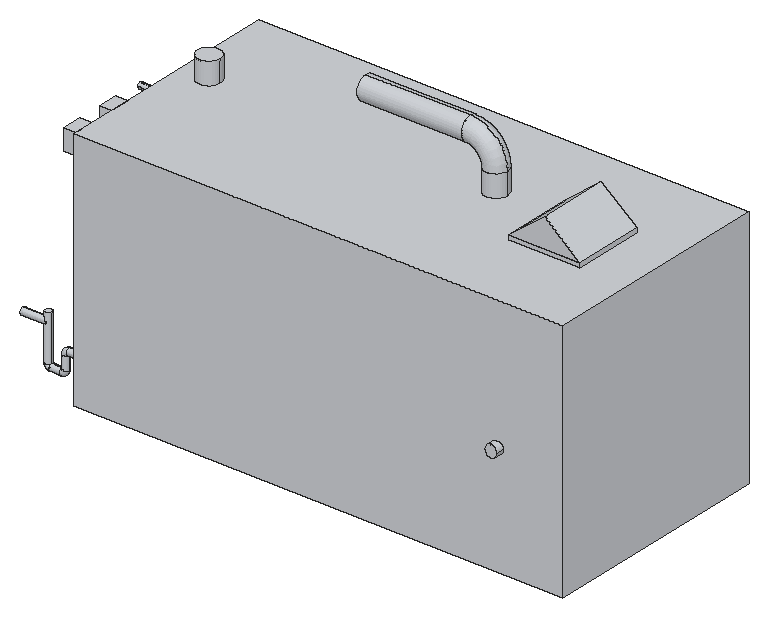
Revit family "AMP_BFIT 3500-4000", category Mechanical Equipment, Revit 2019
Family settings
  Round Connector Dimension = Use Radius
  Part Type = Normal
  OmniClass Number = 23.75.00.00
  OmniClass Title = Climate Control (HVAC)
  Work Plane-Based = No
  Always vertical = Yes
  Cut with Voids When Loaded = No
  Shared = No
  Room Calculation Point = No
Parameters (values of type "AMP/BFIT 3500-4000")
  Width = 46"
  Length = 97 1/8"
  Height = 48 3/8"
  Voltage = ""
  Vent = "12\" EZ Vent"
  Manufacturer = "Bryan Steam"  # constant formula
  Hydronic Supply = "4\" Victaulic"
  Hydronic Return = "4\" Victaulic"
  Gas Train = "2\" NPT"
  Condensate Trap = "1\" Pipe"
  Boiler Drain = "3/4\" NPT"
  Air Supply = "12\""
Reference planes
  plane 1 "Center (Front/Back)": y = 0
  plane 2: z = 0
  plane 3 "Center (Left/Right)": x = 0
  plane 4 "Vent": y = 96.749
  plane 5 "Condensate Trap": y = -457.2
  plane 6 "Supply 4" Victualic Elbow Style 10": x = 353.06
  plane 7 "3" Supply Manifold": z = 1466.85
  plane 8 "3" Supply Elbow Victaulic Style 10": y = 96.749
Forms (mm)
  Extrusion 1, solid
    sketch origin (0, 0, 0) x (1, 0, 0) y (0, 1, 0)
      loop
        line (-1233.487, 584.2) -> (-1233.487, -584.2) -> (1233.488, -584.2) -> (1233.488, 584.2) -> (-1233.487, 584.2)
    from 0 to 1228.725
  Extrusion 2, solid
    sketch origin (1233.488, -584.2, 0) x (-1, 0, 0) y (0, 0, -1)
      loop
        circle (330.2, -561.975) r 30.163
    from 0 to 38.1
  Extrusion 3, solid
    sketch origin (0, 0, 1228.725) x (1, 0, 0) y (0, 1, 0)
      loop
        line (636.435, 177.8) -> (636.435, -177.8) -> (994.474, -177.8) -> (994.474, 177.8) -> (636.435, 177.8)
    from 0 to 21.63
  Extrusion 4, solid
    sketch origin (994.474, -177.8, 1228.725) x (-1, 0, 0) y (0, 0, -1)
      loop
        line (358.038, -21.63) -> (0, -21.63) -> (179.019, -167.063) -> (358.038, -21.63)
    from 0 to -355.6
  Extrusion 5, solid
    sketch origin (0, 0, 1228.725) x (1, 0, 0) y (0, 1, 0)
      loop
        circle (-1093.787, 95.25) r 57.15
      loop
        circle (353.073, 95.25) r 57.15
    from 0 to 107.95
  Extrusion 6, solid
    sketch origin (-1233.487, -584.2, 0) x (0, 1, 0) y (0, 0, -1)
      loop
        circle (936.625, -333.375) r 158.75
      loop
        circle (936.625, -333.375) r 153.162
    from 0 to 34.925
  Sweep 7, solid
    path origin (0, -457.2, 0) x (-1, 0, 0) y (0, 0, 1)
      loop
        line (1233.487, 146.406) -> (1354.493, 146.406)
        arc (1354.493, 146.406) -> (1366.85, 141.287) -> (1371.968, 128.93) r 17.475
        line (1371.968, 128.93) -> (1371.968, 62.281)
        arc (1371.968, 62.281) -> (1377.087, 49.924) -> (1389.443, 44.806) r 17.475
        line (1389.443, 44.806) -> (1443.406, 44.806)
        arc (1443.406, 44.806) -> (1455.754, 49.92) -> (1460.868, 62.268) r 17.463
        line (1460.868, 62.268) -> (1460.868, 292.456)
    profile origin (-1293.99, -457.2, 146.406) x (0, 0, 1) y (0, 1, 0)
      loop
        circle (0, 0) r 16.701
  Revolve 8, solid
    sketch origin (0, -457.2, 0) x (-1, 0, 0) y (0, 0, 1)
      loop
        line (1589.087, 247.65) -> (1589.087, 264.351) -> (1460.5, 264.351) -> (1460.5, 247.65) -> (1589.087, 247.65)
      axis (1460.5, 247.65) -> (1589.087, 247.65)
    angle from 0 to 360
  Extrusion 9, solid
    sketch origin (-1233.487, -584.2, 0) x (0, 1, 0) y (0, 0, -1)
      loop
        line (345.313, -1223.963) -> (345.313, -1122.363) -> (243.713, -1122.363) -> (243.713, -1223.963) -> (345.313, -1223.963)
      loop
        line (119.888, -1223.95) -> (119.888, -1122.35) -> (18.288, -1122.35) -> (18.288, -1223.95) -> (119.888, -1223.95)
    from 0 to 63.004
  Revolve 10, solid
    sketch origin (0, 95.25, 0) x (-1, 0, 0) y (0, 0, 1)
      loop
        line (1439.862, 766.775) -> (1431.845, 919.759) -> (1178.193, 906.466) -> (1186.211, 753.482) -> (1439.862, 766.775)
      axis (1186.211, 753.482) -> (1439.862, 766.775)
    angle from 0 to 360
  Extrusion 11, solid
    sketch origin (-1233.487, -584.2, 0) x (0, 1, 0) y (0, 0, -1)
      loop
        circle (679.45, -1076.325) r 13.335
      loop
        circle (679.45, -1076.325) r 10.465
    from 0 to 206.375
  Sweep 12, solid
    path origin (0, 96.749, 0) x (-1, 0, 0) y (0, 0, 1)
      loop
        arc (-353.073, 1336.675) -> (-314.945, 1428.723) -> (-222.898, 1466.85) r 130.175
        line (-222.898, 1466.85) -> (303.212, 1466.85)
    profile origin (314.945, 96.749, 1428.723) x (0.707107, 0, 0.707107) y (0, 1, 0)
      loop
        circle (0, 0) r 57.15
Dimensions and locks
  "Height": Extrusion 1 to level
  equal spacing: Extrusion 1 sketch curve, plane 3 "Center (Left/Right)", Extrusion 1 sketch curve
  "Length": Extrusion 1 sketch curve to Extrusion 1 sketch curve
  equal spacing: Extrusion 1 sketch curve, plane 1 "Center (Front/Back)", Extrusion 1 sketch curve
  "Width": Extrusion 1 sketch curve to Extrusion 1 sketch curve
  locked: Extrusion 2 sketch curve to Extrusion 1 at 561.975
  locked: Extrusion 1 to Extrusion 2 sketch curve at 330.2
  locked: Extrusion 3 sketch curve to Extrusion 1 at 239.014
  locked: Extrusion 3 sketch curve to Extrusion 3 sketch curve at 358.038
  locked: Extrusion 3 sketch curve to Extrusion 3 sketch curve at 355.6
  locked: Extrusion 3 sketch curve to Extrusion 1 at 406.4
  locked: Extrusion 1 to Extrusion 5 sketch curve at 488.95  (x2)
  locked: Extrusion 1 to Extrusion 6 sketch curve at 333.375
  locked: Extrusion 1 to Extrusion 6 sketch curve at 231.775
  level to plane 7 "3" Supply Manifold" = 57 3/4"
  plane 3 "Center (Left/Right)" to plane 6 "Supply 4" Victualic Elbow Style 10" = 13.9"
  locked: plane 8 "3" Supply Elbow Victaulic Style 10" to plane 1 "Center (Front/Back)" at 96.749
  locked: plane 4 "Vent" to plane 1 "Center (Front/Back)" at 96.749
  locked: plane 5 "Condensate Trap" to plane 1 "Center (Front/Back)" at 457.2
  locked: Sweep 7 sketch curve to Sweep 7 sketch curve at 88.9
  locked: Sweep 7 sketch curve to Sweep 7 sketch curve at 247.65
  locked: Revolve 8 sketch curve to Revolve 8 sketch curve at 128.588
  locked: Extrusion 9 sketch curve to Extrusion 9 sketch curve at 101.6  (x4)
  Revolve 10 sketch curve to Revolve 10 sketch curve = 6 1/32"
  Extrusion 1 to Extrusion 11 sketch curve = 42 3/8"
  equal spacing: Extrusion 1, Extrusion 11 sketch curve, Extrusion 11 sketch curve  (x2)
  locked: Extrusion 1 to Extrusion 11 sketch curve at 488.95
  locked: Extrusion 1 to Extrusion 5 sketch curve at 139.7
  locked: Extrusion 5 sketch curve to Extrusion 1 at 880.415
  Extrusion 1 to Sweep 12 sketch curve = 36 5/8"
  Extrusion 1 to Sweep 12 sketch curve = 9 3/8"
  Extrusion 1 to Extrusion 6 sketch curve = 13 1/8"
  Extrusion 1 to Extrusion 6 sketch curve = 9 1/8"
  locked: Extrusion 1 to Sweep 7 sketch curve at 138.481
  locked: Extrusion 1 to Sweep 7 sketch curve at 146.406
  locked: Revolve 10 sketch curve to Extrusion 1 at 206.375
  Extrusion 1 to Revolve 10 sketch curve = 30.188"
  locked: Extrusion 1 to Revolve 8 sketch curve at 227.013
  Extrusion 1 to Revolve 8 sketch curve = 9 3/4"  (x2)
  locked: Revolve 8 sketch curve to Revolve 8 sketch curve at 16.701
  Revolve 8 sketch curve to Revolve 8 sketch curve = 0"
  radius of Sweep 12 sketch curve = 5 1/8"
  aligned and locked: level to plane 2
Automatic sketch dimensions
  Extrusion 4 sketch curve to Extrusion 3 = 0"  (x3)
  Extrusion 4 sketch curve to Extrusion 3 = 7.048"
  Extrusion 4 sketch curve to Extrusion 3 = 5.72571"
  Sweep 7 sketch curve to plane 5 "Condensate Trap" = 0"
  profile plane to Sweep 7 sketch curve = 0"
  Sweep 7 sketch curve to Sweep 7 sketch curve = 0.688"  (x2)
  Sweep 7 sketch curve to Sweep 7 sketch curve = 11/16"
  Sweep 7 sketch curve to Sweep 7 sketch curve = 2.624"
  Sweep 7 sketch curve to Sweep 7 sketch curve = 4.764"
  Revolve 8 sketch curve to Revolve 8 sketch curve = 0.2025"
  Revolve 8 sketch curve to Revolve 8 sketch curve = 0.828"
  Revolve 10 sketch curve to Revolve 10 sketch curve = 6.32392"
  Revolve 10 sketch curve to Revolve 10 sketch curve = 0"  (x2)
  Extrusion 1 to Extrusion 9 sketch curve = 0.188"
  Extrusion 9 sketch curve to Extrusion 1 = 0.72"
  Extrusion 1 to Extrusion 9 sketch curve = 3/16"
  Extrusion 9 sketch curve to Extrusion 9 sketch curve = 4 7/8"
  Revolve 10 sketch curve to plane 7 "3" Supply Manifold" = 28.08536"
  Revolve 10 sketch curve to Revolve 10 sketch curve = 0.31565"
  Extrusion 11 sketch curve to Extrusion 11 sketch curve = 0"  (x2)
  Sweep 12 sketch curve to plane 8 "3" Supply Elbow Victaulic Style 10" = 0"
  Sweep 12 sketch curve to profile plane = 0"
  Sweep 12 sketch curve to plane 6 "Supply 4" Victualic Elbow Style 10" = 5.1245"
  radius of Sweep 7 sketch curve = 0.6575"
  radius of Extrusion 6 sketch curve = 6 1/4"
  radius of Extrusion 6 sketch curve = 6.03"
  radius of Extrusion 11 sketch curve = 0.412"
  radius of Extrusion 11 sketch curve = 0.525"
  radius of Extrusion 5 sketch curve = 2 1/4"  (x2)
  radius of Sweep 12 sketch curve = 2 1/4"
  radius of Extrusion 2 sketch curve = 1 3/16"
Connectors
  piping at (-1093.787, 95.25, 1336.675), diameter 101.6
    settings: on Extrusion 5, index 2, connector inside diameter 24", connector length 0", flow factor 0, pipe flow 0 GPM, pressure drop 0.00 psi, fitting loss kfactor 0, connector angle 0.00°, fixture units 0, engagement length 0", angle of deflection 0.00°, flow configuration 0, flow direction 1, fitting loss method 0, system type 8, joint type 0, gender type 0, connector reference index -1, connector utility 0, adjustable connector no, is connector primary yes, connector description ""
  piping at (903.288, -622.3, 561.975), diameter 50.8
    settings: on Extrusion 2, index 3, connector inside diameter 24", connector length 0", flow factor 0, pipe flow 0 GPM, pressure drop 0.00 psi, fitting loss kfactor 0, connector angle 0.00°, fixture units 0, engagement length 0", angle of deflection 0.00°, flow configuration 0, flow direction 1, fitting loss method 0, system type 22, joint type 0, gender type 0, connector reference index -1, connector utility 0, adjustable connector no, is connector primary no, connector description ""
  piping at (-1268.412, 352.425, 333.375), diameter 304.8
    settings: on Extrusion 6, index 4, connector inside diameter 24", connector length 0", flow factor 0, pipe flow 0 GPM, pressure drop 0.00 psi, fitting loss kfactor 0, connector angle 0.00°, fixture units 0, engagement length 0", angle of deflection 0.00°, flow configuration 0, flow direction 1, fitting loss method 0, system type 22, joint type 0, gender type 0, connector reference index -1, connector utility 0, adjustable connector no, is connector primary no, connector description ""
  piping at (-1589.087, -457.2, 247.65), diameter 25.4
    settings: on Revolve 8, index 6, connector inside diameter 24", connector length 0", flow factor 0, pipe flow 0 GPM, pressure drop 0.00 psi, fitting loss kfactor 0, connector angle 0.00°, fixture units 0, engagement length 0", angle of deflection 0.00°, flow configuration 0, flow direction 2, fitting loss method 0, system type 22, joint type 0, gender type 0, connector reference index -1, connector utility 0, adjustable connector no, is connector primary no, connector description ""
  piping at (-303.212, 96.749, 1466.85), diameter 101.6
    settings: on Sweep 12, index 7, connector inside diameter 24", connector length 0", flow factor 0, pipe flow 0 GPM, pressure drop 0.00 psi, fitting loss kfactor 0, connector angle 0.00°, fixture units 0, engagement length 0", angle of deflection 0.00°, flow configuration 0, flow direction 2, fitting loss method 0, system type 7, joint type 0, gender type 0, connector reference index -1, connector utility 0, adjustable connector no, is connector primary no, connector description ""
  piping at (-1439.862, 95.25, 1076.325), diameter 19.05
    settings: on Extrusion 11, index 8, connector inside diameter 24", connector length 0", flow factor 0, pipe flow 0 GPM, pressure drop 0.00 psi, fitting loss kfactor 0, connector angle 0.00°, fixture units 0, engagement length 0", angle of deflection 0.00°, flow configuration 0, flow direction 2, fitting loss method 0, system type 22, joint type 0, gender type 0, connector reference index -1, connector utility 0, adjustable connector no, is connector primary no, connector description ""
  piping at (-1439.862, 95.25, 766.775), diameter 304.8
    settings: on Revolve 10, index 9, connector inside diameter 24", connector length 0", flow factor 0, pipe flow 0 GPM, pressure drop 0.00 psi, fitting loss kfactor 0, connector angle 0.00°, fixture units 0, engagement length 0", angle of deflection 0.00°, flow configuration 0, flow direction 2, fitting loss method 0, system type 17, joint type 0, gender type 0, connector reference index -1, connector utility 0, adjustable connector no, is connector primary no, connector description ""
